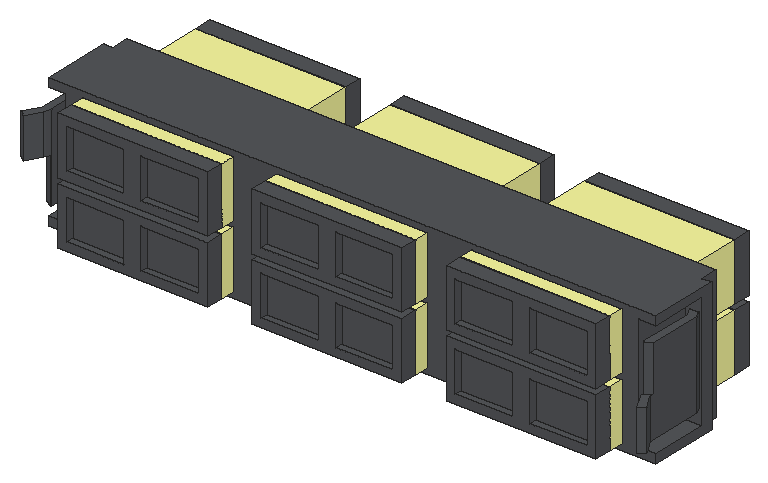
Revit family "SC Duplex 12 fibres", category Installations électriques, Revit 2020
Family settings
  Conserver l'orientation des annotations = Non
  Cote de connecteur circulaire = Utiliser le diamètre
  Type d'élément = Normal
  Basée sur le plan de construction = Non
  Toujours verticalement = Oui
  Couper avec des vides une fois chargée = Non
  Partagée = Non
  Point de calcul de pièce = Non
Parameters (values of type "Bloc SC Duplex HD 12 fibres multimode")
  Type de fibre optique = "Multimode"
  Type de connecteur interne = "SC_DUPLEX"
  Type de connecteur externe = "SC_DUPLEX"
  Température de stockage = "-10°C à 60°C"
  Température de fonctionnement = "-10°C à 60°C"
  Référence Legrand = "032121"
  RAL = "9017"
  Profondeur = 33.3 mm
  Nombre de connecteurs = 12
  Lien e-catalogue = "https://www.legrand.fr/reference/032121/pro"
  Libellé BIM = "Bloc SC Duplex HD 12 fibres multimode"
  Largeur des connecteurs = 26 mm
  Largeur de l'ouverture = 6 mm
  Largeur (mm) = 108.8 mm
  IP = "IP20"
  IK = "IK04"
  Hauteur des connecteurs = 10 mm
  Hauteur de l'ouverture = 1 mm
  Hauteur = 23 mm
  Fonction = "Panneaux de brassage à connecteur optique Legrand"
  Elévation par défaut = 0 mm
  EAN = "3414970961839"
  Couleur des connecteurs = IDS_JAUNE
  Couleur = IDS_NOIR
  Classe ETIM = "EC001130"
Types (2, lengths in mm): name | Type de fibre optique | Référence Legrand | Lien e-catalogue | Libellé BIM | EAN | Couleur des connecteurs
  Bloc SC Duplex HD 12 fibres multimode | "Multimode" | "032121" | "https://www.legrand.fr/reference/032121/pro" | "Bloc SC Duplex HD 12 fibres multimode" | "3414970961839" | IDS_JAUNE
  Bloc SC Duplex HD 12 fibres monomode | "Monomode" | "032111" | "https://www.legrand.fr/reference/032111/pro" | "Bloc SC Duplex HD 12 fibres monomode" | "3414970961679" | IDS_BLEU
Reference planes
  plane 1 "Centre (avant/arrière)": y = 0
  plane 2: z = 0
  plane 3 "Centre (gauche/droite)": x = 0
  plane 4 "Clip bas": z = 4
  plane 5 "Clip haut": z = 19
  plane 6: x = 105.5
  plane 7: x = 52.75
  plane 8: through (0.797, -2.504, 1200) normal (-0.866, 0.5, 0)
  plane 9: z = 1
  plane 10: z = 11
  plane 11: z = 12
  plane 12: z = 22
  plane 13: x = 6
  plane 14: x = 32
  plane 15: z = 23
  plane 16: x = 39.75
  plane 17: x = 65.75
  plane 18: x = 73.5
  plane 19: x = 99.5
  plane 20: y = -2.5
  plane 21: y = 24.5
  plane 22: y = 11
Forms (mm)
  Extrusion 1, solid, material "IDS_NOIR"
    sketch origin (0, 0, 0) x (1, 0, 0) y (0, 1, 0)
      loop
        line (0, 0) -> (105.5, 0) -> (105.5, 12) -> (103.9, 12) -> (103.9, 15) -> (1.6, 15) -> (1.6, 12) -> (0, 12) -> (0, 0)
    from 0 to 23
  Extrusion 2, void
    sketch origin (0, 0, 0) x (-1, 0, 0) y (0, 0, 1)
      loop
        line (0, 21.5) -> (-3, 21.5) -> (-3, 1.5) -> (0, 1.5) -> (0, 21.5)
      loop
        line (-105.5, 21.5) -> (-105.5, 1.5) -> (-102.5, 1.5) -> (-102.5, 21.5) -> (-105.5, 21.5)
    from 0 to 10
  Extrusion 3, solid, material "IDS_NOIR"
    sketch origin (0, 25.162, 4) x (0, 1, 0) y (-1, 0, 0)
      loop
        line (-29.912, 0.5) -> (-27.374, -0.965)
        arc (-27.374, -0.965) -> (-26.771, -1.215) -> (-26.124, -1.3) r 2.5
        line (-26.124, -1.3) -> (-16.662, -1.3) -> (-15.162, -2.166) -> (-15.162, -0.665) -> (-16.313, 0) -> (-26.446, 0) -> (-29.262, 1.626) -> (-29.912, 0.5)
      loop
        line (-29.912, -106) -> (-29.262, -107.126) -> (-26.446, -105.5) -> (-16.313, -105.5) -> (-15.162, -104.835) -> (-15.162, -103.334) -> (-16.662, -104.2) -> (-26.124, -104.2)
        arc (-26.124, -104.2) -> (-26.771, -104.285) -> (-27.374, -104.535) r 2.5
        line (-27.374, -104.535) -> (-29.912, -106)
    from 0 to 15
  Extrusion 4, void
    sketch origin (0.797, -2.504, 1200) x (0.5, 0.866025, 0) y (0, 0, 1)
      loop
        line (-2.593, -1196) -> (1.407, -1196) -> (1.407, -1188) -> (-2.593, -1188) -> (-2.593, -1196)
    from 0 to -2.615
  Extrusion 5, void
    sketch origin (104.703, -2.504, 1200) x (-0.5, 0.866025, 0) y (0, 0, -1)
      loop
        line (-2.593, 1181) -> (1.407, 1181) -> (1.407, 1189) -> (-2.593, 1189) -> (-2.593, 1181)
    from 0 to -2.615
  Extrusion 6, void
    sketch origin (2.941, 0, 0) x (-1, 0, 0) y (0, 0, 1)
      loop
        line (-3.059, 11) -> (-29.059, 11) -> (-29.059, 1) -> (-3.059, 1) -> (-3.059, 11)
      loop
        line (-36.809, 1) -> (-36.809, 11) -> (-62.809, 11) -> (-62.809, 1) -> (-36.809, 1)
      loop
        line (-70.559, 11) -> (-96.559, 11) -> (-96.559, 1) -> (-70.559, 1) -> (-70.559, 11)
    from 0 to 15
  Extrusion 7, void
    sketch origin (0, 0, 0) x (-1, 0, 0) y (0, 0, 1)
      loop
        line (-6, 12) -> (-6, 22) -> (-32, 22) -> (-32, 12) -> (-6, 12)
      loop
        line (-39.75, 12) -> (-39.75, 22) -> (-65.75, 22) -> (-65.75, 12) -> (-39.75, 12)
      loop
        line (-73.5, 22) -> (-99.5, 22) -> (-99.5, 12) -> (-73.5, 12) -> (-73.5, 22)
    from 0 to 15
  Extrusion 8, solid, material "IDS_JAUNE" <- "Couleur des connecteurs"
    sketch origin (3.409, -2.5, 1200) x (-1, 0, 0) y (0, 0, 1)
      loop
        line (-2.591, -1189) -> (-28.591, -1189) -> (-28.591, -1199) -> (-2.591, -1199) -> (-2.591, -1189)
      loop
        line (-2.591, -1178) -> (-28.591, -1178) -> (-28.591, -1188) -> (-2.591, -1188) -> (-2.591, -1178)
      loop
        line (-36.341, -1188) -> (-36.341, -1178) -> (-62.341, -1178) -> (-62.341, -1188) -> (-36.341, -1188)
      loop
        line (-70.091, -1188) -> (-70.091, -1178) -> (-96.091, -1178) -> (-96.091, -1188) -> (-70.091, -1188)
      loop
        line (-70.091, -1189) -> (-96.091, -1189) -> (-96.091, -1199) -> (-70.091, -1199) -> (-70.091, -1189)
      loop
        line (-62.341, -1199) -> (-36.341, -1199) -> (-36.341, -1189) -> (-62.341, -1189) -> (-62.341, -1199)
    from 0 to 27
  Extrusion 9, solid, material "IDS_NOIR"
    sketch origin (3.409, -2.5, 1200) x (-1, 0, 0) y (0, 0, 1)
      loop
        line (-2.591, -1188) -> (-2.591, -1178) -> (-28.591, -1178) -> (-28.591, -1188) -> (-2.591, -1188)
      loop
        line (-2.591, -1189) -> (-28.591, -1189) -> (-28.591, -1199) -> (-2.591, -1199) -> (-2.591, -1189)
      loop
        line (-36.341, -1188) -> (-36.341, -1178) -> (-62.341, -1178) -> (-62.341, -1188) -> (-36.341, -1188)
      loop
        line (-36.341, -1189) -> (-62.341, -1189) -> (-62.341, -1199) -> (-36.341, -1199) -> (-36.341, -1189)
      loop
        line (-70.091, -1178) -> (-96.091, -1178) -> (-96.091, -1188) -> (-70.091, -1188) -> (-70.091, -1178)
      loop
        line (-70.091, -1189) -> (-96.091, -1189) -> (-96.091, -1199) -> (-70.091, -1199) -> (-70.091, -1189)
    from 0 to -3
  Extrusion 10, void
    sketch origin (3.409, -5.5, 1200) x (-1, 0, 0) y (0, 0, 1)
      loop
        line (-17.091, -1179.5) -> (-27.091, -1179.5) -> (-27.091, -1186.5) -> (-17.091, -1186.5) -> (-17.091, -1179.5)
      loop
        line (-4.091, -1186.5) -> (-4.091, -1179.5) -> (-14.091, -1179.5) -> (-14.091, -1186.5) -> (-4.091, -1186.5)
      loop
        line (-17.091, -1190.5) -> (-27.091, -1190.5) -> (-27.091, -1197.5) -> (-17.091, -1197.5) -> (-17.091, -1190.5)
      loop
        line (-4.091, -1197.5) -> (-4.091, -1190.5) -> (-14.091, -1190.5) -> (-14.091, -1197.5) -> (-4.091, -1197.5)
      loop
        line (-50.841, -1179.5) -> (-60.841, -1179.5) -> (-60.841, -1186.5) -> (-50.841, -1186.5) -> (-50.841, -1179.5)
      loop
        line (-37.841, -1186.5) -> (-37.841, -1179.5) -> (-47.841, -1179.5) -> (-47.841, -1186.5) -> (-37.841, -1186.5)
      loop
        line (-71.591, -1179.5) -> (-81.591, -1179.5) -> (-81.591, -1186.5) -> (-71.591, -1186.5) -> (-71.591, -1179.5)
      loop
        line (-94.591, -1186.5) -> (-84.591, -1186.5) -> (-84.591, -1179.5) -> (-94.591, -1179.5) -> (-94.591, -1186.5)
      loop
        line (-81.591, -1190.5) -> (-81.591, -1197.5) -> (-71.591, -1197.5) -> (-71.591, -1190.5) -> (-81.591, -1190.5)
      loop
        line (-94.591, -1197.5) -> (-84.591, -1197.5) -> (-84.591, -1190.5) -> (-94.591, -1190.5) -> (-94.591, -1197.5)
      loop
        line (-60.841, -1190.5) -> (-60.841, -1197.5) -> (-50.841, -1197.5) -> (-50.841, -1190.5) -> (-60.841, -1190.5)
      loop
        line (-37.841, -1190.5) -> (-47.841, -1190.5) -> (-47.841, -1197.5) -> (-37.841, -1197.5) -> (-37.841, -1190.5)
    from 0 to 1.3
  Extrusion 11, solid, material "IDS_NOIR"
    sketch origin (3.409, 24.5, 1200) x (-1, 0, 0) y (0, 0, -1)
      loop
        line (-2.591, 1188) -> (-28.591, 1188) -> (-28.591, 1178) -> (-2.591, 1178) -> (-2.591, 1188)
      loop
        line (-2.591, 1189) -> (-2.591, 1199) -> (-28.591, 1199) -> (-28.591, 1189) -> (-2.591, 1189)
      loop
        line (-36.341, 1188) -> (-62.341, 1188) -> (-62.341, 1178) -> (-36.341, 1178) -> (-36.341, 1188)
      loop
        line (-36.341, 1189) -> (-36.341, 1199) -> (-62.341, 1199) -> (-62.341, 1189) -> (-36.341, 1189)
      loop
        line (-70.091, 1178) -> (-70.091, 1188) -> (-96.091, 1188) -> (-96.091, 1178) -> (-70.091, 1178)
      loop
        line (-70.091, 1189) -> (-70.091, 1199) -> (-96.091, 1199) -> (-96.091, 1189) -> (-70.091, 1189)
    from 0 to -3
  Extrusion 12, void
    sketch origin (3.409, 27.5, 1200) x (-1, 0, 0) y (0, 0, -1)
      loop
        line (-17.091, 1179.5) -> (-17.091, 1186.5) -> (-27.091, 1186.5) -> (-27.091, 1179.5) -> (-17.091, 1179.5)
      loop
        line (-4.091, 1186.5) -> (-14.091, 1186.5) -> (-14.091, 1179.5) -> (-4.091, 1179.5) -> (-4.091, 1186.5)
      loop
        line (-17.091, 1190.5) -> (-17.091, 1197.5) -> (-27.091, 1197.5) -> (-27.091, 1190.5) -> (-17.091, 1190.5)
      loop
        line (-4.091, 1197.5) -> (-14.091, 1197.5) -> (-14.091, 1190.5) -> (-4.091, 1190.5) -> (-4.091, 1197.5)
      loop
        line (-50.841, 1179.5) -> (-50.841, 1186.5) -> (-60.841, 1186.5) -> (-60.841, 1179.5) -> (-50.841, 1179.5)
      loop
        line (-37.841, 1186.5) -> (-47.841, 1186.5) -> (-47.841, 1179.5) -> (-37.841, 1179.5) -> (-37.841, 1186.5)
      loop
        line (-71.591, 1179.5) -> (-71.591, 1186.5) -> (-81.591, 1186.5) -> (-81.591, 1179.5) -> (-71.591, 1179.5)
      loop
        line (-94.591, 1186.5) -> (-94.591, 1179.5) -> (-84.591, 1179.5) -> (-84.591, 1186.5) -> (-94.591, 1186.5)
      loop
        line (-81.591, 1190.5) -> (-71.591, 1190.5) -> (-71.591, 1197.5) -> (-81.591, 1197.5) -> (-81.591, 1190.5)
      loop
        line (-94.591, 1197.5) -> (-94.591, 1190.5) -> (-84.591, 1190.5) -> (-84.591, 1197.5) -> (-94.591, 1197.5)
      loop
        line (-60.841, 1190.5) -> (-50.841, 1190.5) -> (-50.841, 1197.5) -> (-60.841, 1197.5) -> (-60.841, 1190.5)
      loop
        line (-37.841, 1190.5) -> (-37.841, 1197.5) -> (-47.841, 1197.5) -> (-47.841, 1190.5) -> (-37.841, 1190.5)
    from 0 to 1.3
Cuts and joins
  Extrusion 2, Extrusion 6, Extrusion 7 cuts Extrusion 1
  Extrusion 4, Extrusion 5 cuts Extrusion 3
  Extrusion 10, Extrusion 12 cuts Extrusion 9
  Extrusion 12 cuts Extrusion 11
Dimensions and locks
  locked: plane 1 "Centre (avant/arrière)" to Extrusion 1 sketch curve at 15
  locked: Extrusion 1 sketch curve to Extrusion 1 sketch curve at 105.5
  locked: Extrusion 1 sketch curve to Extrusion 1 sketch curve at 1.6  (x2)
  locked: Extrusion 1 sketch curve to Extrusion 1 sketch curve at 12
  locked: Extrusion 2 sketch curve to level at 1.5
  locked: Extrusion 1 to Extrusion 2 sketch curve at 1.5
  locked: Extrusion 2 sketch curve to plane 3 "Centre (gauche/droite)" at 3
  locked: Extrusion 2 sketch curve to Extrusion 1 at 3
  plane 4 "Clip bas" to level = 4 mm
  cut or joined group of Extrusion 1, Extrusion 2, Extrusion 6, Extrusion 7 to plane 5 "Clip haut" = 4 mm
  locked: Extrusion 3 sketch curve to plane 3 "Centre (gauche/droite)" at 0.5
  locked: Extrusion 3 sketch curve to plane 1 "Centre (avant/arrière)" at 4.75
  locked: plane 3 "Centre (gauche/droite)" to Extrusion 3 sketch curve at 1.3
  plane 1 "Centre (avant/arrière)" to Extrusion 3 sketch curve = 8.5 mm
  equal spacing: plane 3 "Centre (gauche/droite)", plane 7, plane 6, locked at 52.75 each
  locked: Extrusion 3 to Extrusion 4 sketch curve at 4
  locked: Extrusion 3 to Extrusion 4 sketch curve at 8
  cut or joined group of Extrusion 3, Extrusion 4, Extrusion 5 to Extrusion 5 sketch curve = 8 mm
  Extrusion 5 sketch curve to cut or joined group of Extrusion 3, Extrusion 4, Extrusion 5 = 4 mm
  "Hauteur de l'ouverture": plane 9 to level
  "Hauteur des connecteurs": plane 10 to plane 9
  "Hauteur des connecteurs": plane 12 to plane 11
  "Largeur de l'ouverture": plane 13 to plane 3 "Centre (gauche/droite)"
  "Largeur des connecteurs": plane 13 to plane 14
  locked: plane 15 to level at 23
  "Hauteur de l'ouverture": plane 15 to plane 12
  "Largeur des connecteurs": plane 16 to plane 17
  plane 14 to plane 16 = 7.75 mm
  plane 17 to plane 18 = 7.75 mm
  "Largeur des connecteurs": plane 18 to plane 19
  locked: plane 20 to cut or joined group of Extrusion 1, Extrusion 2, Extrusion 6, Extrusion 7 at 2.5
  locked: plane 21 to cut or joined group of Extrusion 1, Extrusion 2, Extrusion 6, Extrusion 7 at 9.5
  equal spacing: plane 21, plane 22, plane 20, locked at 13.5 each
  locked: cut or joined group of Extrusion 1, Extrusion 2, Extrusion 6, Extrusion 7 to Extrusion 3 sketch curve (angle 60.00°)
  aligned and locked: level to plane 2
  aligned and locked: plane 5 "Clip haut" to Extrusion 3
  aligned and locked: Extrusion 3 to plane 4 "Clip bas"
  aligned and locked: plane 6 to cut or joined group of Extrusion 1, Extrusion 2, Extrusion 6, Extrusion 7
  aligned and locked: Extrusion 4 sketch curve to Extrusion 3
  aligned and locked: Extrusion 3 to Extrusion 4 sketch curve
  aligned and locked: plane 8 to Extrusion 3
  aligned and locked: Extrusion 5 sketch curve to cut or joined group of Extrusion 3, Extrusion 4, Extrusion 5
  aligned and locked: plane 15 to cut or joined group of Extrusion 1, Extrusion 2, Extrusion 6, Extrusion 7
  aligned and locked: Extrusion 6 to plane 9
  aligned and locked: plane 10 to Extrusion 6
  aligned and locked: plane 13 to Extrusion 6
  aligned and locked: Extrusion 6 to plane 14
  aligned and locked: plane 9 to Extrusion 6 sketch curve
  aligned and locked: Extrusion 6 sketch curve to plane 16
  aligned and locked: Extrusion 6 sketch curve to plane 10
  aligned and locked: Extrusion 6 sketch curve to plane 17
  aligned and locked: plane 10 to Extrusion 6 sketch curve
  aligned and locked: plane 18 to Extrusion 6 sketch curve
  aligned and locked: Extrusion 6 sketch curve to plane 9
  aligned and locked: plane 19 to Extrusion 6 sketch curve
  aligned and locked: plane 11 to Extrusion 7 sketch curve  (x2)
  aligned and locked: Extrusion 7 sketch curve to plane 12  (x2)
  aligned and locked: plane 14 to Extrusion 7 sketch curve
  aligned and locked: Extrusion 7 sketch curve to plane 13
  aligned and locked: Extrusion 7 sketch curve to plane 16
  aligned and locked: plane 17 to Extrusion 7 sketch curve
  aligned and locked: plane 12 to Extrusion 7 sketch curve
  aligned and locked: plane 18 to Extrusion 7 sketch curve
  aligned and locked: Extrusion 7 sketch curve to plane 11
  aligned and locked: plane 19 to Extrusion 7 sketch curve
  aligned and locked: Extrusion 1 to Extrusion 7
  aligned and locked: Extrusion 1 to Extrusion 6
  aligned and locked: Extrusion 8 sketch curve to cut or joined group of Extrusion 1, Extrusion 2, Extrusion 6, Extrusion 7  (x23)
  aligned and locked: plane 21 to Extrusion 8
  aligned and locked: Extrusion 9 sketch curve to Extrusion 8  (x24)
  aligned and locked: Extrusion 2 sketch curve to Extrusion 2 sketch curve  (x2)
Automatic sketch dimensions
  plane 1 "Centre (avant/arrière)" to Extrusion 1 sketch curve = 0 mm
  Extrusion 1 sketch curve to plane 3 "Centre (gauche/droite)" = 0 mm
  plane 22 to Extrusion 1 sketch curve = 1 mm
  Extrusion 3 sketch curve to plane 6 = 0 mm
  Extrusion 3 sketch curve to plane 3 "Centre (gauche/droite)" = 0 mm
  Extrusion 3 sketch curve to plane 6 = 0.5 mm
  Extrusion 3 sketch curve to plane 20 = 2.25 mm
  Extrusion 3 sketch curve to Extrusion 3 sketch curve = 0.65 mm  (x2)
  plane 20 to Extrusion 3 sketch curve = 0.288 mm  (x2)
  plane 20 to Extrusion 3 sketch curve = 1.216 mm
  plane 1 "Centre (avant/arrière)" to Extrusion 3 sketch curve = 0.962 mm  (x2)
  Extrusion 3 sketch curve to plane 22 = 2.5 mm
  Extrusion 3 sketch curve to Extrusion 3 sketch curve = 0.348 mm  (x2)
  Extrusion 3 sketch curve to plane 22 = 1 mm  (x2)
  Extrusion 3 sketch curve to plane 6 = 1.2 mm
  plane 6 to Extrusion 3 sketch curve = 0.665 mm
  Extrusion 3 sketch curve to Extrusion 3 sketch curve = 1.501 mm
  Extrusion 3 sketch curve to Extrusion 3 sketch curve = 0.866 mm
  plane 3 "Centre (gauche/droite)" to Extrusion 3 sketch curve = 0.665 mm
  Extrusion 5 sketch curve to Extrusion 5 sketch curve = 4 mm
  Extrusion 6 sketch curve to plane 9 = 0 mm
  Extrusion 6 sketch curve to plane 14 = 0 mm
  Extrusion 6 sketch curve to plane 10 = 0 mm
  plane 13 to Extrusion 6 sketch curve = 0 mm
  plane 17 to Extrusion 8 sketch curve = 0 mm
  Extrusion 9 to Extrusion 10 sketch curve = 1.5 mm  (x36)
  Extrusion 10 sketch curve to Extrusion 10 sketch curve = 10 mm  (x5)
  Extrusion 10 sketch curve to Extrusion 10 sketch curve = 0 mm
  Extrusion 10 sketch curve to Extrusion 10 sketch curve = 3 mm  (x6)
  Extrusion 11 sketch curve to plane 9 = 0 mm  (x3)
  Extrusion 11 sketch curve to plane 19 = 0 mm  (x2)
  Extrusion 11 sketch curve to plane 12 = 0 mm  (x3)
  plane 18 to Extrusion 11 sketch curve = 0 mm  (x2)
  Extrusion 11 sketch curve to plane 11 = 0 mm  (x3)
  plane 17 to Extrusion 11 sketch curve = 0 mm  (x2)
  plane 16 to Extrusion 11 sketch curve = 0 mm  (x2)
  plane 14 to Extrusion 11 sketch curve = 0 mm  (x2)
  plane 13 to Extrusion 11 sketch curve = 0 mm  (x2)
  Extrusion 11 sketch curve to plane 10 = 0 mm  (x3)
  Extrusion 11 to Extrusion 12 sketch curve = 1.5 mm  (x36)
  Extrusion 12 sketch curve to Extrusion 12 sketch curve = 10 mm  (x5)
  Extrusion 12 sketch curve to Extrusion 12 sketch curve = 0 mm
  Extrusion 12 sketch curve to Extrusion 12 sketch curve = 3 mm  (x6)
  plane 6 to Extrusion 2 sketch curve = 0 mm
  Extrusion 2 sketch curve to plane 3 "Centre (gauche/droite)" = 0 mm
